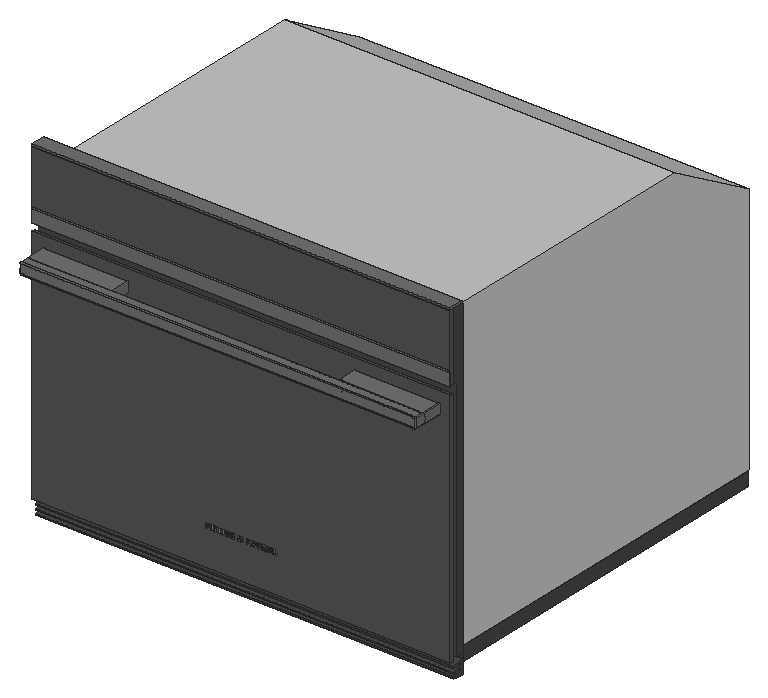
Revit family "FP_Revit_18_OM24NDBB1_w_TK480NDB1_Microwave_Oven_w_24in_Trimkit_90000812A", category Specialty Equipment, Revit 2018
Family settings
  Round Connector Dimension = Use Diameter
  Part Type = Normal
  OmniClass Number = 23.40.40.14.17.31
  OmniClass Title = Small Specialized Cooking Equipment
  Work Plane-Based = No
  Always vertical = Yes
  Cut with Voids When Loaded = Yes
  Shared = No
  Room Calculation Point = No
Parameters (values of type "OM24NDBB1 + TK480NDB1")
  Visibility - Clearance Required = yes
  URL = "www.fisherpaykel.com"
  Product - Width = 596 mm  # constant formula
  Product - Height = 478 mm  # constant formula
  Product - Depth = 614 mm  # constant formula
  Model = "OM24NDBB1 + TK480NDB1"
  Material - Trim = Fisher & Paykel - Aluminium, Dark
  Material - Structure = Fisher & Paykel - Black
  Material - Handle = Fisher & Paykel - Aluminium, Dark
  Material - Glass = Fisher & Paykel - Glass, Black
  Material - Body = Fisher & Paykel - Grey
  Manufacturer = "Fisher & Paykel Appliances"
  FFL Offset [instance] = 900 mm
  Description = "24\" Microwave Oven + 24\" Trimkit"
  Connector Description - Electrical = "120/240 V or 12/208 V, 60 Hz, 13 or 14 A"
  Chassis - Width = 560 mm  # constant formula
  Chassis - Height = 466 mm  # constant formula
  Chassis - Depth = 542 mm  # constant formula
  Cavity - Width = 560 mm  # constant formula
  Cavity - Height = 480 mm  # constant formula
  Cavity - Depth = 560 mm  # constant formula
Reference planes
  plane 1 "Datum": y = 0
  plane 2: z = 0
  plane 3 "Center (Left/Right)": x = 0
  plane 4: z = 1380
  plane 5: z = 1378
  plane 6 "Product LHS": x = -298
  plane 7 "Product RHS": x = 298
  plane 8 "Product - Depth": y = 0
  plane 9 "Cavity LHS": x = -300
  plane 10 "Cavity RHS": x = 300
  plane 11 "Cavity - Depth": y = 560
  plane 12 "Chassis - Height": z = 0
  plane 13 "Product Depth": y = 542
  plane 14 "FFL Offset": z = 900
  plane 15 "Front": y = -22
Forms (mm)
  Extrusion 1, void
    sketch origin (0, 0, 0) x (0, 1, 0) y (0, 0, 1)
      loop
        line (-22, 1380) -> (-22, 900) -> (0, 900) -> (0, 1380) -> (-22, 1380)
    from -300 to 300
  Extrusion 2, void
    sketch origin (0, 0, 0) x (0, 1, 0) y (0, 0, 1)
      loop
        line (560, 1380) -> (0, 1380) -> (0, 900) -> (560, 900) -> (560, 1380)
    from -280 to 280
Text (mm)
  text "Due to ongoing product development, product details are subject to change without notice. \nPlease always refer to www.fisherpaykel.com for the most current product information. \n© Fisher & Paykel 2020" at (41.04, -413.295, 0), in view "Ref. Level (Plan)"
Dimensions and locks
  equal spacing: plane 6 "Product LHS", plane 3 "Center (Left/Right)", plane 7 "Product RHS"
  "Product - Width": plane 6 "Product LHS" to plane 7 "Product RHS"
  equal spacing: plane 9 "Cavity LHS", plane 3 "Center (Left/Right)", plane 10 "Cavity RHS"
  locked: plane 9 "Cavity LHS" to plane 10 "Cavity RHS" at 600
  "Chassis - Depth": plane 1 "Datum" to plane 13 "Product Depth"
  "FFL Offset": plane 14 "FFL Offset" to level
  "Cavity - Depth": plane 1 "Datum" to plane 11 "Cavity - Depth"
  "Product - Height": plane 5 to plane 14 "FFL Offset"
  "Cavity - Height": plane 4 to plane 14 "FFL Offset"
  Extrusion 2 to Extrusion 2 = 560 mm
  aligned and locked: level to plane 2
  aligned and locked: nested 2 to plane 8 "Product - Depth"
  aligned and locked: Extrusion 1 sketch curve to plane 8 "Product - Depth"
  aligned and locked: plane 14 "FFL Offset" to Extrusion 1 sketch curve
  aligned and locked: Extrusion 1 sketch curve to plane 4
  aligned and locked: Extrusion 1 to plane 10 "Cavity RHS"
  aligned and locked: plane 9 "Cavity LHS" to Extrusion 1
  aligned and locked: Extrusion 2 sketch curve to plane 8 "Product - Depth"
  aligned and locked: Extrusion 2 sketch curve to plane 14 "FFL Offset"
  aligned and locked: plane 11 "Cavity - Depth" to Extrusion 2 sketch curve
  aligned and locked: Extrusion 2 sketch curve to nested 2
  aligned and locked: nested 1 to plane 8 "Product - Depth"
  aligned and locked: plane 15 "Front" to Extrusion 1
Automatic sketch dimensions
  Extrusion 1 sketch curve to Extrusion 1 sketch curve = 22 mm
Nested families
  nested 1: "FP_Revit_18_OM24NDBB1_Microwave_Oven_90000812A" at (0, 0, 20), FFL Offset <- "FFL Offset", type "OM24NDBB1"
    with FFL Offset 900 mm
  nested 2: "FP_Revit_18_TK480ND_Trimkits_90001188A" at (0, 0, 0), FFL Offset <- "FFL Offset", type "TK480NDB1"
    with FFL Offset 900 mm
Connectors
  electrical at (-193.854, 548.619, 959.454), driven by "Connector Description - Electrical"
    settings: on nested 1, index 1, voltage 120 V, apparent load 0 VA, apparent load phase1 0 VA, apparent load phase2 0 VA, apparent load phase3 0 VA, power factor 1, load classification "Other", number of poles 1, system type 30, power factor state 1, is connector primary yes, connector utility no, sub classification motor no, connector description "120/240 V or 12/208 V, 60 Hz, 13 or 14 A"
Definition of nested family "FP_Revit_18_OM24NDBB1_Microwave_Oven_90000812A"
  Parameters (values of type "OM24NDBB1")
    Visibility - Clearance Required = yes
    URL = "www.fisherpaykel.com"
    Product - Width = 596 mm  # constant formula
    Product - Height = 458 mm  # constant formula
    Product - Depth = 562 mm  # constant formula
    Model = "OM24NDBB1"
    Material - Trim = none
    Material - Structure = none
    Material - Handle = none
    Material - Glass = none
    Material - Body = none
    Manufacturer = "Fisher & Paykel Appliances"
    FFL Offset [instance] = 900 mm
    Description = "24\" Microwave Oven"
    Connector Description - Electrical = "120/240 V or 12/208 V, 60 Hz, 13 or 14 A"
    Chassis - Width = 556 mm  # constant formula
    Chassis - Height = 446 mm  # constant formula
    Chassis - Depth = 540 mm  # constant formula
    Cavity - Width = 600 mm  # constant formula
    Cavity - Height = 460 mm  # constant formula
    Cavity - Depth = 560 mm  # constant formula
  Types (4, lengths in mm): name | Model | Description | Connector Description - Electrical
    OS24NDB1 | "OS24NDB1" | "24\" Steam Oven" | "208 V or 240 V, 60 Hz, 10.8 or 12.5 A"
    OM24NDB1 | "OM24NDB1" | "24\" Microwave Oven" | "120/240 V or 12/208 V, 60 Hz, 13 or 14 A"
    OM24NDBB1 | "OM24NDBB1" | "24\" Microwave Oven" | "120/240 V or 12/208 V, 60 Hz, 13 or 14 A"
    OS24NDBB1 | "OS24NDBB1" | "24\" Steam Oven" | "208 V or 240 V, 60 Hz, 10.8 or 12.5 A"
  Reference planes
    plane 1 "Center (Front/Back)": y = 0
    plane 2: z = 0
    plane 3 "Center (Left/Right)": x = 0
    plane 4: z = 1360
    plane 5: z = 1358
    plane 6 "Product LHS": x = -298
    plane 7 "Product RHS": x = 298
    plane 8 "Product - Depth": y = 0
    plane 9 "Cavity LHS": x = -300
    plane 10 "Cavity RHS": x = 300
    plane 11 "Cavity - Depth": y = 560
    plane 12 "Front Face": y = -22
    plane 13 "Chassis - Height": z = 0
    plane 14 "Product Depth": y = 540
    plane 15 "FFL Offset": z = 900
  Forms (mm)
    Extrusion 1, solid, material <- "Material - Body"
      sketch origin (0, 0, 0) x (0, 1, 0) y (0, 0, 1)
        loop
          line (0, 1346) -> (0, 907.28) -> (5.16, 907.28) -> (5.16, 900) -> (534.187, 900) -> (534.187, 1257.991) -> (403.295, 1336.64) -> (24.316, 1336.64) -> (8.71, 1346) -> (0, 1346)
      from -278 to 278
    Extrusion 2, solid, material <- "Material - Structure", detail levels fine
      sketch origin (0, 0, 0) x (0, 1, 0) y (0, 0, 1)
        loop
          line (0, 1353.9) -> (-2, 1353.9) -> (-2, 1355) -> (-18, 1355) -> (-18, 1258) -> (-9.89, 1258) -> (-9.89, 907.28) -> (0, 907.28) -> (0, 1353.9)
      from -298 to 298
    Extrusion 3, solid, material <- "Material - Trim", detail levels fine
      sketch origin (0, 0, 0) x (0, 1, 0) y (0, 0, 1)
        loop
          line (-22, 1358) -> (-22, 1355) -> (-2, 1355) -> (-2, 1358) -> (-22, 1358)
      from -298 to 298
    Extrusion 4, solid, material <- "Material - Glass", detail levels fine
      sketch origin (0, 0, 0) x (0, 1, 0) y (0, 0, 1)
        loop
          line (-18, 1355) -> (-20.262, 1355)
          arc (-20.262, 1355) -> (-21.236, 1354.682) -> (-22, 1354) r 2.5
          line (-22, 1354) -> (-22, 1258) -> (-18, 1258) -> (-18, 1355)
      from -298 to 298
    Extrusion 5, solid, material <- "Material - Glass", detail levels fine
      sketch origin (0, 0, 0) x (0, 1, 0) y (0, 0, 1)
        loop
          line (-22, 1246.53) -> (-22, 904.53) -> (-18, 904.53) -> (-18, 1246.53) -> (-22, 1246.53)
      from -298 to 298
    Extrusion 6, solid, material <- "Material - Structure", detail levels fine
      sketch origin (0, 0, 0) x (0, 1, 0) y (0, 0, 1)
        loop
          line (-18, 1229.33) -> (-18, 907.28) -> (-9.89, 907.28) -> (-9.89, 1229.33) -> (-18, 1229.33)
      from -278 to 278
    Extrusion 7, void
      sketch origin (0, 0, 0) x (1, 0, 0) y (0, 0, 1)
        loop
          line (-158.462, 1052.91) -> (-229.24, 1052.91)
          arc (-229.24, 1052.91) -> (-232.776, 1051.446) -> (-234.24, 1047.91) r 5
          line (-234.24, 1047.91) -> (-234.24, 955.13)
          arc (-234.24, 955.13) -> (-232.776, 951.594) -> (-229.24, 950.13) r 5
          line (-229.24, 950.13) -> (-158.462, 950.13)
          arc (-158.462, 950.13) -> (-154.926, 951.594) -> (-153.462, 955.13) r 5
          line (-153.462, 955.13) -> (-153.462, 1047.91)
          arc (-153.462, 1047.91) -> (-154.926, 1051.446) -> (-158.462, 1052.91) r 5
      from -539.6 to -521.6
    Sweep 8, void
      path in 3D
        loop
          arc (-153.462, 521.6, 955.13) -> (-154.926, 521.6, 951.594) -> (-158.462, 521.6, 950.13) r 5
          line (-158.462, 521.6, 950.13) -> (-229.24, 521.6, 950.13)
          arc (-229.24, 521.6, 950.13) -> (-232.776, 521.6, 951.594) -> (-234.24, 521.6, 955.13) r 5
          line (-234.24, 521.6, 955.13) -> (-234.24, 521.6, 1047.91)
          arc (-234.24, 521.6, 1047.91) -> (-232.776, 521.6, 1051.446) -> (-229.24, 521.6, 1052.91) r 5
          line (-229.24, 521.6, 1052.91) -> (-158.462, 521.6, 1052.91)
          arc (-158.462, 521.6, 1052.91) -> (-154.926, 521.6, 1051.446) -> (-153.462, 521.6, 1047.91) r 5
          line (-153.462, 521.6, 1047.91) -> (-153.462, 521.6, 955.13)
      profile origin (-153.462, 521.6, 1001.52) x (-1, 0, 0) y (0, -1, 0)
        loop
          line (0, 0) -> (-21.3, -12.587) -> (0, -12.587) -> (0, 0)
    Extrusion 9, solid, material <- "Material - Body", detail levels medium+fine
      sketch origin (0, 0, -100) x (1, 0, 0) y (0, 0, 1)
        loop
          line (-175.354, 1115.273) -> (-212.354, 1115.273) -> (-212.354, 1057.273) -> (-175.354, 1057.273) -> (-175.354, 1115.273)
      from -540 to -521.6
    Extrusion 10, solid, material <- "Material - Trim", detail levels fine
      sketch origin (0, 0, 0) x (0, 1, 0) y (0, 0, 1)
        loop
          line (-22, 1258) -> (-22, 1277.8) -> (-22.8, 1277.8) -> (-23.7, 1275.5) -> (-23.7, 1258) -> (-22, 1258)
      from -298 to 298
    Extrusion 11, solid, visible <- "Visibility - Clearance Required", detail levels coarse
      sketch origin (0, 0, 0) x (1, 0, 0) y (0, 1, 0)
        loop
          line (-280, 0) -> (280, 0) -> (280, 548.619) -> (-280, 548.619) -> (-280, 0)
      from 900 to 1360
    Extrusion 12, solid, visible <- "Visibility - Clearance Required", detail levels coarse
      sketch origin (0, 0, 0) x (0, 1, 0) y (0, 0, 1)
        loop
          arc (-22, 1246.53) -> (-241.159, 1161.206) -> (-341.563, 948.532) r 317.644
          line (-341.563, 948.532) -> (-326.406, 946.445) -> (-332.106, 905.048) -> (-316.871, 902.951) -> (-311.171, 944.347) -> (-22, 904.53) -> (-22, 900) -> (0, 900) -> (0, 1360) -> (-22, 1360) -> (-22, 1246.53)
      from -300 to 300
    Sweep 13, solid, material <- "Material - Body", detail levels fine
      path origin (0, 0, -100) x (0, 1, 0) y (0, 0, 1)
        loop
          arc (530.8, 1057.273) -> (536.019, 1044.673) -> (548.619, 1039.454) r 17.819
      profile origin (0, 536.019, 944.673) x (0, 0.707107, 0.707107) y (1, 0, 0)
        loop
          circle (0, -193.854) r 5
    Extrusion 14, solid, material <- "Material - Glass", detail levels coarse+medium
      sketch origin (0, 0, 0) x (0, 1, 0) y (0, 0, 1)
        loop
          line (-22, 1358) -> (-22, 1258) -> (-9.89, 1258) -> (-9.89, 1229.33) -> (-18, 1229.33) -> (-18, 1246.53) -> (-22, 1246.53) -> (-22, 904.53) -> (-18, 904.53) -> (-18, 907.28) -> (0, 907.28) -> (0, 1353.9) -> (-2, 1353.9) -> (-2, 1358) -> (-22, 1358)
      from -298 to 298
    Extrusion 15, solid, material <- "Material - Body", not visible, detail levels medium+fine
      sketch origin (0, 0, 0) x (1, 0, 0) y (0, 0, 1)
        loop
          line (-175.354, 1115.273) -> (-212.354, 1115.273) -> (-212.354, 1057.273) -> (-175.354, 1057.273) -> (-175.354, 1115.273)
      from -540 to -521.6
    Sweep 16, solid, material <- "Material - Body", not visible, detail levels fine
      path origin (0, 0, 0) x (0, 1, 0) y (0, 0, 1)
        loop
          arc (530.8, 1057.273) -> (536.019, 1044.673) -> (548.619, 1039.454) r 17.819
      profile origin (0, 536.019, 1044.673) x (0, 0.707107, 0.707107) y (1, 0, 0)
        loop
          circle (0, -193.854) r 5
    Extrusion 17, void
      sketch origin (0, 0, 0) x (1, 0, 0) y (0, 1, 0)
        loop
          line (-280, 0) -> (280, 0) -> (280, 548.619) -> (-280, 548.619) -> (-280, 0)
      from 900 to 1360
    Extrusion 18, solid, visible <- "Visibility - Clearance Required", detail levels coarse
      sketch origin (0, 0, 0) x (0, 1, 0) y (0, 0, 1)
        loop
          arc (-22, 1246.53) -> (-241.159, 1161.206) -> (-341.563, 948.532) r 317.644
          line (-341.563, 948.532) -> (-326.406, 946.445) -> (-332.106, 905.048) -> (-316.871, 902.951) -> (-311.171, 944.347) -> (-22, 904.53) -> (-22, 900) -> (0, 900) -> (0, 1360) -> (-22, 1360) -> (-22, 1246.53)
      from -300 to 300
    Extrusion 19, void
      sketch origin (0, 0, 0) x (0, 1, 0) y (0, 0, 1)
        loop
          line (-22, 1360) -> (-22, 900) -> (0, 900) -> (0, 1360) -> (-22, 1360)
      from -300 to 300
  Cuts and joins
    Extrusion 7, Sweep 8 cuts Extrusion 1
    Extrusion 7 cuts Extrusion 2
    Extrusion 7 cuts Extrusion 5
    Extrusion 7 cuts Extrusion 6
  Lines and regions (mm)
    sketch lines
      curve 1: line (-153.462, 521.6, 1047.91) -> (-153.462, 521.6, 955.13)
      curve 2: arc (-153.462, 521.6, 1047.91) -> (-154.926, 521.6, 1051.446) -> (-158.462, 521.6, 1052.91) r 5
      curve 3: line (-229.24, 521.6, 1052.91) -> (-158.462, 521.6, 1052.91)
      curve 4: arc (-229.24, 521.6, 1052.91) -> (-232.776, 521.6, 1051.446) -> (-234.24, 521.6, 1047.91) r 5
      curve 5: line (-234.24, 521.6, 955.13) -> (-234.24, 521.6, 1047.91)
      curve 6: arc (-234.24, 521.6, 955.13) -> (-232.776, 521.6, 951.594) -> (-229.24, 521.6, 950.13) r 5
      curve 7: arc (-158.462, 521.6, 950.13) -> (-154.926, 521.6, 951.594) -> (-153.462, 521.6, 955.13) r 5
      curve 8: line (-158.462, 521.6, 950.13) -> (-229.24, 521.6, 950.13)
  Text (mm)
    text "Due to ongoing product development, product details are subject to change without notice. \nPlease always refer to www.fisherpaykel.com for the most current product information. \n© Fisher & Paykel 2020" at (41.04, -413.295, 0), in view "Ref. Level (Plan)"
  Dimensions and locks
    equal spacing: plane 6 "Product LHS", plane 3 "Center (Left/Right)", plane 7 "Product RHS"
    "Product - Width": plane 6 "Product LHS" to plane 7 "Product RHS"
    equal spacing: plane 9 "Cavity LHS", plane 3 "Center (Left/Right)", plane 10 "Cavity RHS"
    "Cavity - Width": plane 9 "Cavity LHS" to plane 10 "Cavity RHS"
    "Cavity - Depth": plane 11 "Cavity - Depth" to plane 1 "Center (Front/Back)"
    locked: plane 12 "Front Face" to plane 1 "Center (Front/Back)" at 22
    "Chassis - Depth": plane 1 "Center (Front/Back)" to plane 14 "Product Depth"
    Extrusion 1 sketch curve to plane 14 "Product Depth" = 5.813 mm
    equal spacing: cut or joined group of Extrusion 1, Extrusion 7, Sweep 8, plane 3 "Center (Left/Right)", cut or joined group of Extrusion 1, Extrusion 7, Sweep 8
    "Chassis - Width": cut or joined group of Extrusion 1, Extrusion 7, Sweep 8 to cut or joined group of Extrusion 1, Extrusion 7, Sweep 8
    "FFL Offset": plane 15 "FFL Offset" to level
    locked: nested 2 to plane 15 "FFL Offset" at 61.04
    locked: cut or joined group of Extrusion 1, Extrusion 7, Sweep 8 to plane 15 "FFL Offset" at 7.28
    locked: Extrusion 14 to plane 15 "FFL Offset" at 4.53
    locked: cut or joined group of Extrusion 1, Extrusion 7, Sweep 8 to plane 15 "FFL Offset" at 436.64
    "Chassis - Height": cut or joined group of Extrusion 1, Extrusion 7, Sweep 8 to plane 15 "FFL Offset"
    Extrusion 11 to plane 15 "FFL Offset" = 460 mm
    locked: plane 15 "FFL Offset" to Extrusion 9 at 57.273
    locked: plane 15 "FFL Offset" to cut or joined group of Extrusion 1, Extrusion 7, Sweep 8 at 50.13
    "Product - Height": plane 5 to plane 15 "FFL Offset"
    "Cavity - Height": plane 4 to plane 15 "FFL Offset"
    locked: nested 1 to plane 15 "FFL Offset" at 330.978
    locked: plane 5 to Extrusion 14 at 100
    locked: plane 5 to Extrusion 14 at 111.47
    locked: Extrusion 12 sketch curve to plane 15 "FFL Offset" at 4.53
    locked: plane 15 "FFL Offset" to Extrusion 7 sketch curve at 152.91
    locked: plane 15 "FFL Offset" to Extrusion 7 sketch curve at 50.13
    aligned and locked: level to plane 2
    aligned and locked: Extrusion 3 sketch curve to plane 5
    aligned and locked: plane 6 "Product LHS" to Extrusion 5
    aligned and locked: Extrusion 5 to plane 7 "Product RHS"
    aligned and locked: Extrusion 4 to plane 7 "Product RHS"
    aligned and locked: plane 6 "Product LHS" to Extrusion 4
    aligned and locked: plane 6 "Product LHS" to Extrusion 3
    aligned and locked: Extrusion 3 to plane 7 "Product RHS"
    aligned and locked: plane 6 "Product LHS" to Extrusion 2
    aligned and locked: Extrusion 2 to plane 7 "Product RHS"
    aligned and locked: plane 14 "Product Depth" to Extrusion 9
    aligned and locked: cut or joined group of Extrusion 1, Extrusion 7, Sweep 8 to Extrusion 9
    aligned and locked: Extrusion 10 to plane 7 "Product RHS"
    aligned and locked: plane 6 "Product LHS" to Extrusion 10
    aligned and locked: Extrusion 14 to plane 7 "Product RHS"
    aligned and locked: plane 6 "Product LHS" to Extrusion 14
    aligned and locked: Extrusion 1 to plane 15 "FFL Offset"
    aligned and locked: Extrusion 11 to cut or joined group of Extrusion 1, Extrusion 7, Sweep 8
    aligned and locked: Extrusion 14 to cut or joined group of Extrusion 1, Extrusion 7, Sweep 8
    aligned and locked: Extrusion 2 to cut or joined group of Extrusion 1, Extrusion 7, Sweep 8
    aligned and locked: Extrusion 6 to cut or joined group of Extrusion 1, Extrusion 7, Sweep 8
    aligned and locked: plane 5 to Extrusion 3
    aligned and locked: plane 5 to Extrusion 14
    aligned and locked: Extrusion 10 to Extrusion 4
    aligned and locked: Extrusion 14 to Extrusion 4
    aligned and locked: Extrusion 4 to cut or joined group of Extrusion 2, Extrusion 7
    aligned and locked: Extrusion 5 to Extrusion 14  (x2)
    aligned and locked: plane 4 to Extrusion 11
    aligned and locked: Extrusion 11 to Sweep 13
    aligned and locked: Extrusion 12 sketch curve to plane 15 "FFL Offset"
    aligned and locked: Extrusion 12 sketch curve to plane 4
    aligned and locked: plane 4 to Extrusion 17
    aligned and locked: Extrusion 17 to cut or joined group of Extrusion 1, Extrusion 7, Sweep 8
    aligned and locked: plane 15 "FFL Offset" to Extrusion 19 sketch curve
    aligned and locked: Extrusion 19 sketch curve to plane 4
  Automatic sketch dimensions
    Extrusion 9 sketch curve to Extrusion 9 sketch curve = 37 mm
    Extrusion 9 sketch curve to Extrusion 9 sketch curve = 58 mm
    Sweep 13 sketch curve to profile plane = 0 mm
    Sweep 13 sketch curve to Sweep 13 sketch curve = 17.819 mm
    Sweep 13 sketch curve to profile plane = 193.854 mm
    Extrusion 15 sketch curve to Extrusion 15 sketch curve = 37 mm
    Extrusion 15 sketch curve to Extrusion 15 sketch curve = 58 mm
    Sweep 16 sketch curve to profile plane = 0 mm
    Sweep 16 sketch curve to Sweep 16 sketch curve = 17.819 mm
    Sweep 16 sketch curve to profile plane = 193.854 mm
    Extrusion 1 sketch curve to plane 1 "Center (Front/Back)" = 0 mm
    Extrusion 1 sketch curve to plane 15 "FFL Offset" = 0 mm
    Extrusion 1 sketch curve to plane 1 "Center (Front/Back)" = 5.16 mm
    Extrusion 1 sketch curve to Extrusion 1 sketch curve = 8.71 mm
    Extrusion 1 sketch curve to Extrusion 1 sketch curve = 15.606 mm
    Extrusion 1 sketch curve to plane 5 = 21.36 mm
    Extrusion 1 sketch curve to plane 14 "Product Depth" = 136.705 mm
    Extrusion 1 sketch curve to Extrusion 1 sketch curve = 7.28 mm
    Extrusion 1 sketch curve to plane 5 = 100.009 mm
    Extrusion 1 sketch curve to plane 5 = 12 mm
    Extrusion 2 sketch curve to plane 1 "Center (Front/Back)" = 0 mm
    plane 1 "Center (Front/Back)" to Extrusion 2 sketch curve = 2 mm
    plane 1 "Center (Front/Back)" to Extrusion 2 sketch curve = 9.89 mm
    plane 12 "Front Face" to Extrusion 2 sketch curve = 4 mm
    plane 15 "FFL Offset" to Extrusion 2 sketch curve = 7.28 mm
    Extrusion 2 sketch curve to plane 5 = 100 mm
    Extrusion 2 sketch curve to plane 5 = 4.1 mm
    Extrusion 2 sketch curve to Extrusion 2 sketch curve = 1.1 mm
    Extrusion 3 sketch curve to plane 12 "Front Face" = 0 mm
    plane 1 "Center (Front/Back)" to Extrusion 3 sketch curve = 2 mm
    Extrusion 3 sketch curve to plane 5 = 3 mm
    Extrusion 4 sketch curve to plane 12 "Front Face" = 0 mm
    plane 12 "Front Face" to Extrusion 4 sketch curve = 1.738 mm
    plane 12 "Front Face" to Extrusion 4 sketch curve = 2.011 mm
    plane 12 "Front Face" to Extrusion 4 sketch curve = 4 mm
    Extrusion 4 sketch curve to plane 5 = 100 mm
    Extrusion 4 sketch curve to plane 5 = 5.485 mm
    Extrusion 4 sketch curve to Extrusion 4 sketch curve = 1.485 mm
    Extrusion 5 sketch curve to plane 12 "Front Face" = 0 mm
    plane 12 "Front Face" to Extrusion 5 sketch curve = 4 mm
    plane 15 "FFL Offset" to Extrusion 5 sketch curve = 4.53 mm
    Extrusion 5 sketch curve to plane 5 = 111.47 mm
    plane 12 "Front Face" to Extrusion 6 sketch curve = 4 mm
    Extrusion 6 sketch curve to Extrusion 6 sketch curve = 8.11 mm
    plane 15 "FFL Offset" to Extrusion 6 sketch curve = 7.28 mm
    Extrusion 6 sketch curve to plane 5 = 128.67 mm
    Extrusion 7 sketch curve to plane 6 "Product LHS" = 63.76 mm
    Extrusion 7 sketch curve to Extrusion 7 sketch curve = 5 mm  (x3)
    Extrusion 7 sketch curve to Extrusion 7 sketch curve = 70.778 mm  (x2)
    Sweep 8 sketch curve to profile plane = 0 mm  (x2)
    Sweep 8 sketch curve to profile plane = 21.3 mm
    profile plane to Sweep 8 sketch curve = 12.587 mm
    Extrusion 10 sketch curve to plane 12 "Front Face" = 0 mm
    Extrusion 10 sketch curve to Extrusion 10 sketch curve = 0.8 mm
    Extrusion 10 sketch curve to plane 12 "Front Face" = 1.7 mm
    Extrusion 10 sketch curve to plane 5 = 100 mm
    Extrusion 10 sketch curve to Extrusion 10 sketch curve = 17.5 mm
    Extrusion 10 sketch curve to Extrusion 10 sketch curve = 2.3 mm
    plane 1 "Center (Front/Back)" to Extrusion 11 sketch curve = 0 mm
    plane 14 "Product Depth" to Extrusion 11 sketch curve = 8.619 mm
    Extrusion 11 sketch curve to plane 6 "Product LHS" = 18 mm
    plane 7 "Product RHS" to Extrusion 11 sketch curve = 18 mm
    Extrusion 12 sketch curve to plane 12 "Front Face" = 0 mm  (x2)
    Extrusion 12 sketch curve to plane 1 "Center (Front/Back)" = 0 mm
    Extrusion 12 sketch curve to plane 12 "Front Face" = 2.526 mm
    plane 15 "FFL Offset" to Extrusion 12 sketch curve = 44.347 mm
    Extrusion 12 sketch curve to Extrusion 12 sketch curve = 286.644 mm
    plane 15 "FFL Offset" to Extrusion 12 sketch curve = 2.951 mm
    plane 15 "FFL Offset" to Extrusion 12 sketch curve = 46.445 mm
    Extrusion 12 sketch curve to Extrusion 12 sketch curve = 15.235 mm
    plane 15 "FFL Offset" to Extrusion 12 sketch curve = 48.532 mm
    Extrusion 12 sketch curve to Extrusion 12 sketch curve = 24.366 mm
    Extrusion 14 sketch curve to plane 5 = 0 mm
    Extrusion 14 sketch curve to plane 12 "Front Face" = 0 mm  (x2)
    Extrusion 14 sketch curve to plane 1 "Center (Front/Back)" = 0 mm
    plane 12 "Front Face" to Extrusion 14 sketch curve = 4 mm  (x2)
    plane 1 "Center (Front/Back)" to Extrusion 14 sketch curve = 9.89 mm
    plane 1 "Center (Front/Back)" to Extrusion 14 sketch curve = 2 mm
    Extrusion 14 sketch curve to plane 5 = 4.1 mm
    Extrusion 14 sketch curve to Extrusion 14 sketch curve = 95.9 mm
    Extrusion 14 sketch curve to Extrusion 14 sketch curve = 11.47 mm
    Extrusion 14 sketch curve to Extrusion 14 sketch curve = 17.2 mm
    plane 15 "FFL Offset" to Extrusion 14 sketch curve = 7.28 mm
    Extrusion 14 sketch curve to Extrusion 14 sketch curve = 2.75 mm
    plane 1 "Center (Front/Back)" to Extrusion 17 sketch curve = 0 mm
    plane 14 "Product Depth" to Extrusion 17 sketch curve = 8.619 mm
    Extrusion 17 sketch curve to plane 6 "Product LHS" = 18 mm
    plane 7 "Product RHS" to Extrusion 17 sketch curve = 18 mm
    Extrusion 18 sketch curve to plane 12 "Front Face" = 0 mm  (x2)
    Extrusion 18 sketch curve to plane 1 "Center (Front/Back)" = 0 mm
    Extrusion 18 sketch curve to plane 15 "FFL Offset" = 0 mm
    Extrusion 18 sketch curve to plane 4 = 0 mm
    Extrusion 18 sketch curve to plane 12 "Front Face" = 2.526 mm
    plane 15 "FFL Offset" to Extrusion 18 sketch curve = 44.347 mm
    Extrusion 18 sketch curve to Extrusion 18 sketch curve = 286.644 mm
    plane 15 "FFL Offset" to Extrusion 18 sketch curve = 2.951 mm
    Extrusion 18 sketch curve to Extrusion 18 sketch curve = 5.7 mm
    plane 15 "FFL Offset" to Extrusion 18 sketch curve = 46.445 mm
    Extrusion 18 sketch curve to Extrusion 18 sketch curve = 15.235 mm
    plane 15 "FFL Offset" to Extrusion 18 sketch curve = 48.532 mm
    Extrusion 18 sketch curve to Extrusion 18 sketch curve = 24.366 mm
    Extrusion 19 sketch curve to plane 12 "Front Face" = 0 mm
    Extrusion 19 sketch curve to plane 1 "Center (Front/Back)" = 0 mm
    radius of Sweep 13 sketch curve = 5 mm
    radius of Sweep 16 sketch curve = 5 mm
  Nested families
    nested 1: "F&P Handle Contemporary Square OB60-24" at (0, -22, 1223), type "Aluminium"
    nested 2: "F&P Logo 100mm" at (0, -22, 955), type "F&P Logo 100mm"
  Connectors
    electrical at (-193.854, 548.619, 939.454), driven by "Connector Description - Electrical"
      settings: on Sweep 13, index 1, voltage 120 V, apparent load 0 VA, apparent load phase1 0 VA, apparent load phase2 0 VA, apparent load phase3 0 VA, power factor 1, load classification none, number of poles 1, system type 30, power factor state 1, is connector primary yes, connector utility no, sub classification motor no, connector description "120/240 V or 12/208 V, 60 Hz, 13 or 14 A"
  Definition of nested family "F&P Handle Contemporary Square OB60-24"
    Parameters (values of type "Aluminium Dark")
      URL = "www.fisherpaykel.com"
      Material - Handle = none
      Manufacturer = "Fisher & Paykel Appliances"
      Handle - Length = 565 mm
    Types (2): name
      Aluminium
      Aluminium Dark
    Reference planes
      plane 1 "Center (Front/Back)": y = 0
      plane 2: z = 0
      plane 3 "Center (Left/Right)": x = 0
      plane 4 "Product LHS": x = -282.5
      plane 5 "Product RHS": x = 282.5
      plane 6 "LHS Standoff": x = -162.495
      plane 7 "RHS Standoff": x = 162.505
    Forms (mm)
      Extrusion 1, solid, material <- "Material - Handle", detail levels fine
        sketch origin (0, 0, 0) x (0, 1, 0) y (0, 0, 1)
          loop
            arc (-28.701, 7.561) -> (-29.057, 7.868) -> (-29.514, 7.978) r 1
            line (-29.514, 7.978) -> (-40.5, 7.978)
            arc (-40.5, 7.978) -> (-41.561, 7.539) -> (-42, 6.478) r 1.5
            line (-42, 6.478) -> (-42, -6.522)
            arc (-42, -6.522) -> (-41.561, -7.583) -> (-40.5, -8.022) r 1.5
            line (-40.5, -8.022) -> (-29.487, -8.022)
            arc (-29.487, -8.022) -> (-29.029, -7.911) -> (-28.673, -7.602) r 1
            arc (-28.673, -7.602) -> (-26.256, -0.016) -> (-28.701, 7.561) r 13.038
        from -282.5 to 282.5
      Extrusion 2, solid, material <- "Material - Handle", detail levels fine
        sketch origin (0, 0, 0) x (0, 1, 0) y (0, 0, 1)
          loop
            arc (-28.23, 7.062) -> (-26.156, 0.008) -> (-28.198, -7.056) r 13.136
            arc (-28.198, -7.056) -> (-28.21, -7.463) -> (-27.86, -7.67) r 0.4
            line (-27.86, -7.67) -> (0, -7.67) -> (0, 7.678) -> (-27.893, 7.678)
            arc (-27.893, 7.678) -> (-28.244, 7.47) -> (-28.23, 7.062) r 0.4
        from 162.505 to 282.5
      Extrusion 3, solid, material <- "Material - Handle", detail levels fine
        sketch origin (0, 0, 0) x (0, 1, 0) y (0, 0, -1)
          loop
            arc (-28.23, -7.062) -> (-28.244, -7.47) -> (-27.893, -7.678) r 0.4
            line (-27.893, -7.678) -> (0, -7.678) -> (0, 7.67) -> (-27.86, 7.67)
            arc (-27.86, 7.67) -> (-28.21, 7.463) -> (-28.198, 7.056) r 0.4
            arc (-28.198, 7.056) -> (-26.156, -0.008) -> (-28.23, -7.062) r 13.136
        from 162.495 to 282.5
      Sweep 4, void
        path in 3D
          loop
            line (282.5, -29.514, 7.978) -> (282.5, -40.5, 7.978)
            arc (282.5, -40.5, 7.978) -> (282.5, -41.561, 7.539) -> (282.5, -42, 6.478) r 1.5
            line (282.5, -42, 6.478) -> (282.5, -42, -6.522)
            arc (282.5, -42, -6.522) -> (282.5, -41.561, -7.583) -> (282.5, -40.5, -8.022) r 1.5
            line (282.5, -40.5, -8.022) -> (282.5, -29.487, -8.022)
        profile origin (282.5, -35.007, 7.978) x (1, 0, 0) y (0, 0, 1)
          loop
            line (0, 0) -> (-1.3, 0) -> (0, -1.3) -> (0, 0)
      Sweep 5, void
        path in 3D
          loop
            line (-282.5, -29.487, -8.022) -> (-282.5, -40.5, -8.022)
            arc (-282.5, -40.5, -8.022) -> (-282.5, -41.561, -7.583) -> (-282.5, -42, -6.522) r 1.5
            line (-282.5, -42, -6.522) -> (-282.5, -42, 6.478)
            arc (-282.5, -42, 6.478) -> (-282.5, -41.561, 7.539) -> (-282.5, -40.5, 7.978) r 1.5
            line (-282.5, -40.5, 7.978) -> (-282.5, -29.514, 7.978)
        profile origin (-282.5, -35.007, 7.978) x (-1, 0, 0) y (0, 0, 1)
          loop
            line (0, 0) -> (-1.3, 0) -> (0, -1.3) -> (0, 0)
      Extrusion 6, void
        sketch origin (0, 0, 0) x (1, 0, 0) y (0, 0, 1)
          loop
            line (282.5, 7.978) -> (281.2, 7.978) -> (282.5, 6.678) -> (282.5, 7.978)
          loop
            line (282.5, -8.022) -> (282.5, -6.722) -> (281.2, -8.022) -> (282.5, -8.022)
        from 0 to 40
      Extrusion 7, void
        sketch origin (0, 0, 0) x (1, 0, 0) y (0, 0, 1)
          loop
            line (-282.5, 7.978) -> (-282.5, 6.678) -> (-281.2, 7.978) -> (-282.5, 7.978)
          loop
            line (-282.5, -8.022) -> (-281.2, -8.022) -> (-282.5, -6.722) -> (-282.5, -8.022)
        from 0 to 40
      Extrusion 8, solid, material <- "Material - Handle", detail levels coarse+medium
        sketch origin (0, 0, 0) x (1, 0, 0) y (0, 1, 0)
          loop
            line (-282.5, -42) -> (282.5, -42) -> (282.5, 0) -> (162.505, 0) -> (162.505, -26.156) -> (-162.495, -26.156) -> (-162.495, 0) -> (-282.5, 0) -> (-282.5, -42)
        from -8.022 to 7.978
    Cuts and joins
      Sweep 4, Sweep 5, Extrusion 6, Extrusion 7 cuts Extrusion 1
      Extrusion 6 cuts Extrusion 2
      Extrusion 7 cuts Extrusion 3
    Lines and regions (mm)
      sketch lines
        curve 1: line (282.5, -29.514, 7.978) -> (282.5, -40.5, 7.978)
        curve 2: arc (282.5, -42, 6.478) -> (282.5, -41.561, 7.539) -> (282.5, -40.5, 7.978) r 1.5
        curve 3: line (282.5, -42, 6.478) -> (282.5, -42, -6.522)
        curve 4: arc (282.5, -40.5, -8.022) -> (282.5, -41.561, -7.583) -> (282.5, -42, -6.522) r 1.5
        curve 5: line (282.5, -40.5, -8.022) -> (282.5, -29.487, -8.022)
        curve 6: line (-282.5, -40.5, 7.978) -> (-282.5, -29.514, 7.978)
        curve 7: arc (-282.5, -40.5, 7.978) -> (-282.5, -41.561, 7.539) -> (-282.5, -42, 6.478) r 1.5
        curve 8: line (-282.5, -42, -6.522) -> (-282.5, -42, 6.478)
        curve 9: arc (-282.5, -42, -6.522) -> (-282.5, -41.561, -7.583) -> (-282.5, -40.5, -8.022) r 1.5
        curve 10: line (-282.5, -29.487, -8.022) -> (-282.5, -40.5, -8.022)
    Dimensions and locks
      equal spacing: plane 4 "Product LHS", plane 3 "Center (Left/Right)", plane 5 "Product RHS"
      "Handle - Length": plane 4 "Product LHS" to plane 5 "Product RHS"
      locked: plane 4 "Product LHS" to plane 6 "LHS Standoff" at 120.005
      locked: plane 7 "RHS Standoff" to plane 5 "Product RHS" at 119.995
      aligned and locked: level to plane 2
      aligned and locked: Extrusion 1 to plane 5 "Product RHS"
      aligned and locked: plane 4 "Product LHS" to Extrusion 1
      aligned and locked: Extrusion 2 to plane 5 "Product RHS"
      aligned and locked: plane 4 "Product LHS" to Extrusion 3
      aligned and locked: plane 4 "Product LHS" to Extrusion 8 sketch curve
      aligned and locked: Extrusion 8 sketch curve to plane 5 "Product RHS"
      aligned and locked: Extrusion 8 sketch curve to plane 7 "RHS Standoff"
      aligned and locked: plane 6 "LHS Standoff" to Extrusion 8 sketch curve
      aligned and locked: Extrusion 2 to plane 7 "RHS Standoff"
      aligned and locked: plane 6 "LHS Standoff" to Extrusion 3
    Automatic sketch dimensions
      Extrusion 1 sketch curve to level = 6.522 mm
      plane 1 "Center (Front/Back)" to Extrusion 1 sketch curve = 42 mm
      Extrusion 1 sketch curve to Extrusion 1 sketch curve = 1.5 mm  (x2)
      Extrusion 1 sketch curve to level = 0.04 mm
      Extrusion 1 sketch curve to Extrusion 1 sketch curve = 1.206 mm
      level to Extrusion 1 sketch curve = 6.978 mm
      Extrusion 1 sketch curve to Extrusion 1 sketch curve = 10.986 mm
      Extrusion 1 sketch curve to Extrusion 1 sketch curve = 11.013 mm
      Extrusion 1 sketch curve to Extrusion 1 sketch curve = 1 mm
      level to Extrusion 1 sketch curve = 6.478 mm
      Extrusion 1 sketch curve to Extrusion 1 sketch curve = 0 mm
      Extrusion 2 sketch curve to plane 1 "Center (Front/Back)" = 0 mm
      Extrusion 2 sketch curve to level = 7.67 mm
      Extrusion 2 sketch curve to Extrusion 2 sketch curve = 27.86 mm
      level to Extrusion 2 sketch curve = 7.678 mm
      Extrusion 2 sketch curve to Extrusion 2 sketch curve = 0.033 mm
      Extrusion 2 sketch curve to level = 0.022 mm
      Extrusion 2 sketch curve to Extrusion 2 sketch curve = 11.398 mm
      Extrusion 2 sketch curve to Extrusion 2 sketch curve = 0.4 mm  (x2)
      Extrusion 2 sketch curve to Extrusion 2 sketch curve = 0 mm
      Extrusion 3 sketch curve to plane 1 "Center (Front/Back)" = 0 mm
      Extrusion 3 sketch curve to level = 7.67 mm
      Extrusion 3 sketch curve to Extrusion 3 sketch curve = 27.86 mm
      level to Extrusion 3 sketch curve = 7.678 mm
      Extrusion 3 sketch curve to Extrusion 3 sketch curve = 0.033 mm
      Extrusion 3 sketch curve to level = 0.022 mm
      Extrusion 3 sketch curve to Extrusion 3 sketch curve = 11.398 mm
      Extrusion 3 sketch curve to Extrusion 3 sketch curve = 0.4 mm  (x2)
      Extrusion 3 sketch curve to Extrusion 3 sketch curve = 0 mm
      profile plane to Sweep 4 sketch curve = 0 mm
      Sweep 4 sketch curve to profile plane = 0 mm
      Sweep 4 sketch curve to profile plane = 1.3 mm
      profile plane to Sweep 4 sketch curve = 1.3 mm
      Sweep 5 sketch curve to profile plane = 0 mm  (x2)
      profile plane to Sweep 5 sketch curve = 1.3 mm
      Sweep 5 sketch curve to profile plane = 1.3 mm
      plane 5 "Product RHS" to Extrusion 6 sketch curve = 0 mm  (x2)
      Extrusion 6 sketch curve to Extrusion 6 sketch curve = 1.3 mm  (x4)
      Extrusion 6 sketch curve to level = 6.722 mm
      level to Extrusion 6 sketch curve = 6.678 mm
      plane 4 "Product LHS" to Extrusion 7 sketch curve = 0 mm  (x2)
      Extrusion 7 sketch curve to plane 4 "Product LHS" = 1.3 mm  (x2)
      Extrusion 7 sketch curve to level = 8.022 mm
      level to Extrusion 7 sketch curve = 6.678 mm
      Extrusion 7 sketch curve to Extrusion 7 sketch curve = 1.3 mm  (x2)
      plane 1 "Center (Front/Back)" to Extrusion 8 sketch curve = 0 mm  (x2)
      Extrusion 8 sketch curve to Extrusion 8 sketch curve = 26.156 mm
      Extrusion 8 sketch curve to Extrusion 8 sketch curve = 42 mm
  Definition of nested family "F&P Logo 100mm"
    Parameters (values of type "F&P Logo 100mm")
      URL = "www.fisherpaykel.com"
      Material - Logo = none
      Manufacturer = "Fisher & Paykel Appliances"
    Reference planes
      plane 1 "Center (Front/Back)": y = 0
      plane 2: z = 0
      plane 3 "Center (Left/Right)": x = 0
    Forms (mm)
      Extrusion 1, solid, material <- "Material - Logo", detail levels fine
        sketch origin (0, 0, 0) x (1, 0, 0) y (0, 0, 1)
          loop
            line (-50.044, 0) -> (-48.47, 0) -> (-48.47, 2.138) -> (-46.011, 2.138) -> (-46.011, 3.472) -> (-48.47, 3.472) -> (-48.47, 4.712) -> (-45.795, 4.712) -> (-45.795, 6.04) -> (-50.044, 6.04) -> (-50.044, 0)
          loop
            line (-42.804, 6.04) -> (-42.804, 0) -> (-41.23, 0) -> (-41.23, 6.04) -> (-42.804, 6.04)
          loop
            line (-30.724, 6.04) -> (-30.724, 0) -> (-29.151, 0) -> (-29.151, 2.42) -> (-26.839, 2.42) -> (-26.839, 0) -> (-25.265, 0) -> (-25.265, 6.04) -> (-26.839, 6.04) -> (-26.839, 3.748) -> (-29.151, 3.748) -> (-29.151, 6.04) -> (-30.724, 6.04)
          loop
            line (-21.906, 6.04) -> (-21.906, 0) -> (-17.602, 0) -> (-17.602, 1.328) -> (-20.347, 1.328) -> (-20.347, 2.42) -> (-17.838, 2.42) -> (-17.838, 3.748) -> (-20.347, 3.748) -> (-20.347, 4.712) -> (-17.602, 4.712) -> (-17.602, 6.04) -> (-21.906, 6.04)
          loop
            line (45.667, 6.04) -> (45.667, 0) -> (49.956, 0) -> (49.956, 1.328) -> (47.241, 1.328) -> (47.241, 6.04) -> (45.667, 6.04)
          loop
            line (42.431, 6.04) -> (38.112, 6.04) -> (38.112, 0) -> (42.431, 0) -> (42.431, 1.328) -> (39.687, 1.328) -> (39.687, 2.42) -> (42.195, 2.42) -> (42.195, 3.748) -> (39.687, 3.748) -> (39.687, 4.712) -> (42.431, 4.712) -> (42.431, 6.04)
          loop
            line (33.451, 3.148) -> (35.683, 6.04) -> (33.844, 6.04) -> (31.915, 3.542) -> (31.915, 6.04) -> (30.342, 6.04) -> (30.342, 0) -> (31.915, 0) -> (31.915, 2.705) -> (33.903, 0) -> (35.763, 0) -> (33.451, 3.148)
          loop
            line (21.98, 6.04) -> (24.262, 2.42) -> (24.262, 0) -> (25.837, 0) -> (25.837, 2.341) -> (28.119, 6.04) -> (26.446, 6.04) -> (25.099, 3.707) -> (23.753, 6.04) -> (21.98, 6.04)
          loop
            line (18.479, 6.04) -> (16.983, 6.04) -> (14.524, 0) -> (16.069, 0) -> (16.501, 1.112) -> (18.921, 1.112) -> (19.354, 0) -> (20.938, 0) -> (18.479, 6.04)
          loop
            line (18.4, 2.439) -> (17.693, 4.174) -> (17.018, 2.439) -> (18.4, 2.439)
          loop
            line (8.031, 6.04) -> (8.031, 0) -> (9.605, 0) -> (9.605, 1.938) -> (10.599, 1.938)
            arc (10.599, 1.938) -> (12.65, 3.989) -> (10.599, 6.04) r 2.051
            line (10.599, 6.04) -> (8.031, 6.04)
          loop
            line (9.605, 4.712) -> (9.605, 3.197) -> (10.501, 3.197)
            arc (10.501, 3.197) -> (11.259, 3.954) -> (10.501, 4.712) r 0.757
            line (10.501, 4.712) -> (9.605, 4.712)
          loop
            line (-11.783, 6.04) -> (-14.366, 6.04) -> (-14.366, 0) -> (-12.792, 0) -> (-12.792, 1.336) -> (-11.992, 1.336) -> (-10.972, 0) -> (-9.153, 0) -> (-10.694, 1.973)
            arc (-10.694, 1.973) -> (-9.678, 4.424) -> (-11.783, 6.04) r 2.179
          loop
            line (-11.897, 4.712) -> (-12.792, 4.712) -> (-12.792, 3.053) -> (-11.897, 3.053)
            arc (-11.897, 3.053) -> (-11.068, 3.882) -> (-11.897, 4.712) r 0.83
          loop
            line (0.477, 4.712) -> (0.477, 6.153) -> (-3.575, 6.153) -> (-3.575, 4.851) -> (-2.974, 4.112)
            arc (-2.974, 4.112) -> (-3.51, 0.684) -> (-0.045, 0.512) r 2.334
            line (-0.045, 0.512) -> (0.46, -0.109) -> (2.246, -0.109) -> (0.86, 1.594) -> (2.061, 3.324) -> (0.443, 3.324) -> (-0.013, 2.667) -> (-1.677, 4.712) -> (0.477, 4.712)
          loop
            arc (-2.125, 3.068) -> (-2.269, 1.668) -> (-0.868, 1.524) r 0.996
            line (-0.868, 1.524) -> (-2.125, 3.068)
          loop
            line (-35.18, 3.634) -> (-36.516, 3.91)
            arc (-36.516, 3.91) -> (-37.049, 4.443) -> (-36.516, 4.976) r 0.533
            arc (-36.516, 4.976) -> (-35.235, 4.79) -> (-34.059, 4.248) r 4.505
            line (-34.059, 4.248) -> (-34.059, 5.743)
            arc (-34.059, 5.743) -> (-35.549, 6.179) -> (-37.1, 6.109) r 4.726
            arc (-37.1, 6.109) -> (-38.536, 4.335) -> (-37.1, 2.561) r 1.814
            line (-37.1, 2.561) -> (-35.754, 2.282)
            arc (-35.754, 2.282) -> (-35.221, 1.749) -> (-35.754, 1.216) r 0.533
            arc (-35.754, 1.216) -> (-37.035, 1.402) -> (-38.211, 1.945) r 4.505
            line (-38.211, 1.945) -> (-38.211, 0.449)
            arc (-38.211, 0.449) -> (-36.72, 0.013) -> (-35.169, 0.083) r 4.726
            arc (-35.169, 0.083) -> (-33.734, 1.863) -> (-35.18, 3.634) r 1.814
        from 0 to 0.8
    Dimensions and locks
      aligned and locked: level to plane 2
Definition of nested family "FP_Revit_18_TK480ND_Trimkits_90001188A"
  Parameters (values of type "TK480NDB1")
    Visibility - Clearance Required = yes
    URL = "www.fisherpaykel.com"
    Product - Width = 596 mm  # constant formula
    Product - Height = 478 mm  # constant formula
    Product - Depth = 551.5 mm  # constant formula
    Model = "TK480NDB1"
    Material - Body = none
    Manufacturer = "Fisher & Paykel Appliances"
    FFL Offset [instance] = 860 mm
    Description = "24\"/60cm Trim Kit"
    Chassis - Width = 560 mm  # constant formula
    Chassis - Height = 20 mm  # constant formula
    Chassis - Depth = 530 mm  # constant formula
    Cavity - Width = 600 mm  # constant formula
    Cavity - Height = 480 mm  # constant formula
    Cavity - Depth = 560 mm  # constant formula
  Reference planes
    plane 1 "Center (Front/Back)": y = 0
    plane 2: z = 0
    plane 3 "Center (Left/Right)": x = 0
    plane 4 "Cavity - Height": z = 1340
    plane 5 "Product - Height": z = 1338
    plane 6 "Product - Depth": y = 530
    plane 7 "Cavity - Depth": y = 560
    plane 8 "Chassis - Height": z = 880
    plane 9 "FFL Offset": z = 860
    plane 10 "Product - RHS": x = 298
    plane 11 "Cavity - RHS": x = 300
    plane 12 "Product - LHS": x = -298
    plane 13 "Cavity - LHS": x = -300
    plane 14 "Front - Face": y = -21.5
  Forms (mm)
    Extrusion 1, solid, material <- "Material - Body"
      sketch origin (0, 23.5, 0) x (1, 0, 0) y (0, 0, 1)
        loop
          line (280, 880) -> (200, 880) -> (200, 861) -> (176, 861) -> (176, 860) -> (280, 860) -> (280, 880)
        loop
          line (-280, 880) -> (-280, 860) -> (-176, 860) -> (-176, 861) -> (-200, 861) -> (-200, 880) -> (-280, 880)
      from -506.5 to 0
    Extrusion 2, solid, material <- "Material - Body", detail levels fine
      sketch origin (0, 23.5, 15) x (0, 1, 0) y (0, 0, 1)
        loop
          line (-23.654, 865) -> (-39.5, 861.049) -> (-39.5, 858.901) -> (-26, 862.392) -> (-26, 858.092) -> (-39.5, 854.601) -> (-39.5, 852.601) -> (-26, 856.092) -> (-26, 851.848) -> (-39.5, 848.356) -> (-39.5, 846.348) -> (-34.47, 845) -> (0, 845) -> (0, 865) -> (-23.654, 865)
      from -298 to 298
    Extrusion 3, void
      sketch origin (0, 23.5, 0) x (1, 0, 0) y (0, 1, 0)
        loop
          circle (-270, 70) r 5
        loop
          circle (-270, 460) r 5
        loop
          circle (270, 70) r 5
        loop
          circle (270, 460) r 5
      from 860 to 880
    Extrusion 4, void
      sketch origin (0, 23.5, 0) x (0, 1, 0) y (0, 0, 1)
        loop
          circle (460, 870) r 5
        loop
          circle (70, 870) r 5
      from -225 to 225
    Extrusion 5, solid, visible <- "Visibility - Clearance Required", detail levels coarse
      sketch origin (0, 0, 0) x (1, 0, 0) y (0, 1, 0)
        loop
          line (-280, 0) -> (280, 0) -> (280, 560) -> (-280, 560) -> (-280, 0)
      from 860 to 1330
    Extrusion 6, solid, visible <- "Visibility - Clearance Required", detail levels coarse
      sketch origin (0, 0, 0) x (1, 0, 0) y (0, 1, 0)
        loop
          line (-300, 0) -> (-300, -21.5) -> (300, -21.5) -> (300, 0) -> (-300, 0)
      from 860 to 1340
    Extrusion 7, void
      sketch origin (0, 0, 0) x (1, 0, 0) y (0, 1, 0)
        loop
          line (-280, 560) -> (-280, 0) -> (280, 0) -> (280, 560) -> (-280, 560)
      from 860 to 1330
    Extrusion 8, void
      sketch origin (0, 0, 0) x (1, 0, 0) y (0, 1, 0)
        loop
          line (-300, -21.5) -> (300, -21.5) -> (300, 0) -> (-300, 0) -> (-300, -21.5)
      from 860 to 1340
    Extrusion 9, solid, material <- "Material - Body", detail levels coarse+medium
      sketch origin (0, 23.5, 0) x (0, 1, 0) y (0, 0, 1)
        loop
          line (-39.5, 880) -> (-39.5, 860) -> (0, 860) -> (0, 880) -> (-39.5, 880)
      from -298 to 298
    Extrusion 10, void
      sketch origin (0, 23.5, 0) x (1, 0, 0) y (0, 1, 0)
        loop
          line (298, 0) -> (280, 0) -> (280, -23.5) -> (298, -23.5) -> (298, 0)
        loop
          line (-298, 0) -> (-298, -23.5) -> (-280, -23.5) -> (-280, 0) -> (-298, 0)
      from 860 to 880
  Cuts and joins
    Extrusion 3, Extrusion 4 cuts Extrusion 1
    Extrusion 10 cuts Extrusion 9
    Extrusion 10 cuts Extrusion 2
  Text (mm)
    text "Due to ongoing product development, product details are subject to change without notice. \nPlease always refer to www.fisherpaykel.com for the most current product information. \n© Fisher & Paykel 2020" at (41.04, -248.295, 0), in view "Ref. Level (Plan)"
  Dimensions and locks
    "Cavity - Depth": plane 7 "Cavity - Depth" to plane 1 "Center (Front/Back)"
    "Chassis - Depth": plane 6 "Product - Depth" to plane 1 "Center (Front/Back)"
    equal spacing: Extrusion 5, plane 3 "Center (Left/Right)", Extrusion 5
    "Chassis - Width": Extrusion 5 to Extrusion 5
    "Chassis - Height": plane 9 "FFL Offset" to plane 8 "Chassis - Height"
    "Product - Height": plane 5 "Product - Height" to plane 9 "FFL Offset"
    "Cavity - Height": plane 4 "Cavity - Height" to plane 9 "FFL Offset"
    Extrusion 4 sketch curve to plane 9 "FFL Offset" = 10 mm
    locked: plane 5 "Product - Height" to Extrusion 7 at 8
    "FFL Offset": plane 9 "FFL Offset" to level
    cut or joined group of Extrusion 1, Extrusion 3, Extrusion 4 to plane 9 "FFL Offset" = 10 mm
    equal spacing: plane 12 "Product - LHS", plane 3 "Center (Left/Right)", plane 10 "Product - RHS"
    equal spacing: plane 13 "Cavity - LHS", plane 3 "Center (Left/Right)", plane 11 "Cavity - RHS"
    "Cavity - Width": plane 13 "Cavity - LHS" to plane 11 "Cavity - RHS"
    "Product - Width": plane 12 "Product - LHS" to plane 10 "Product - RHS"
    locked: Extrusion 7 to plane 9 "FFL Offset" at 470
    "Product - Depth": cut or joined group of Extrusion 1, Extrusion 3, Extrusion 4 to plane 14 "Front - Face"
    locked: plane 14 "Front - Face" to plane 1 "Center (Front/Back)" at 21.5
    aligned and locked: level to plane 2
    aligned and locked: Extrusion 1 to plane 6 "Product - Depth"
    aligned and locked: plane 4 "Cavity - Height" to Extrusion 6
    aligned and locked: plane 4 "Cavity - Height" to Extrusion 8
    aligned and locked: plane 9 "FFL Offset" to Extrusion 1 sketch curve
    aligned and locked: plane 8 "Chassis - Height" to Extrusion 1 sketch curve
    aligned and locked: Extrusion 1 sketch curve to plane 8 "Chassis - Height"
    aligned and locked: Extrusion 1 sketch curve to plane 9 "FFL Offset"
    aligned and locked: Extrusion 5 to cut or joined group of Extrusion 1, Extrusion 3, Extrusion 4
    aligned and locked: Extrusion 5 to Extrusion 7
    aligned and locked: Extrusion 1 to Extrusion 3  (x2)
    aligned and locked: Extrusion 7 to cut or joined group of Extrusion 1, Extrusion 3, Extrusion 4
    aligned and locked: Extrusion 2 sketch curve to plane 8 "Chassis - Height"
    aligned and locked: Extrusion 2 sketch curve to plane 9 "FFL Offset"
    aligned and locked: Extrusion 8 to Extrusion 2
    aligned and locked: Extrusion 8 to cut or joined group of Extrusion 1, Extrusion 3, Extrusion 4
    aligned and locked: Extrusion 6 to Extrusion 2
    aligned and locked: Extrusion 9 sketch curve to Extrusion 5
    aligned and locked: plane 13 "Cavity - LHS" to Extrusion 8
    aligned and locked: plane 11 "Cavity - RHS" to Extrusion 8
    aligned and locked: plane 13 "Cavity - LHS" to Extrusion 6
    aligned and locked: plane 12 "Product - LHS" to Extrusion 2
    aligned and locked: Extrusion 6 to plane 11 "Cavity - RHS"
    aligned and locked: Extrusion 9 to plane 10 "Product - RHS"
    aligned and locked: Extrusion 2 to plane 10 "Product - RHS"
    aligned and locked: Extrusion 10 sketch curve to Extrusion 7
    aligned and locked: Extrusion 10 sketch curve to Extrusion 10 sketch curve
    aligned and locked: Extrusion 7 to Extrusion 10 sketch curve
    aligned and locked: Extrusion 10 to plane 9 "FFL Offset"
    aligned and locked: Extrusion 10 to plane 8 "Chassis - Height"
    aligned and locked: plane 14 "Front - Face" to Extrusion 8
    aligned and locked: plane 14 "Front - Face" to Extrusion 6
  Automatic sketch dimensions
    Extrusion 3 sketch curve to plane 1 "Center (Front/Back)" = 93.5 mm  (x2)
    Extrusion 3 sketch curve to plane 6 "Product - Depth" = 46.5 mm  (x2)
    Extrusion 5 sketch curve to plane 7 "Cavity - Depth" = 0 mm
    plane 1 "Center (Front/Back)" to Extrusion 5 sketch curve = 0 mm
    plane 1 "Center (Front/Back)" to Extrusion 6 sketch curve = 0 mm
    plane 1 "Center (Front/Back)" to Extrusion 7 sketch curve = 0 mm
    Extrusion 7 sketch curve to plane 7 "Cavity - Depth" = 0 mm
    Extrusion 8 sketch curve to Extrusion 8 sketch curve = 21.5 mm
    plane 9 "FFL Offset" to Extrusion 1 sketch curve = 1 mm  (x2)
    Extrusion 1 sketch curve to Extrusion 1 sketch curve = 80 mm  (x2)
    Extrusion 1 sketch curve to Extrusion 1 sketch curve = 24 mm  (x2)
    plane 3 "Center (Left/Right)" to Extrusion 1 sketch curve = 176 mm
    plane 8 "Chassis - Height" to Extrusion 2 sketch curve = 2.608 mm
    Extrusion 2 sketch curve to Extrusion 2 sketch curve = 2.346 mm
    Extrusion 2 sketch curve to Extrusion 2 sketch curve = 0 mm  (x3)
    plane 9 "FFL Offset" to Extrusion 2 sketch curve = 1.348 mm
    Extrusion 2 sketch curve to Extrusion 2 sketch curve = 2.009 mm
    plane 9 "FFL Offset" to Extrusion 2 sketch curve = 6.848 mm
    Extrusion 2 sketch curve to Extrusion 2 sketch curve = 4.244 mm  (x2)
    Extrusion 2 sketch curve to Extrusion 2 sketch curve = 2 mm  (x2)
    Extrusion 2 sketch curve to Extrusion 2 sketch curve = 4.3 mm
    Extrusion 2 sketch curve to Extrusion 2 sketch curve = 2.148 mm
    Extrusion 4 sketch curve to plane 6 "Product - Depth" = 46.5 mm
    plane 8 "Chassis - Height" to Extrusion 4 sketch curve = 10 mm
    Extrusion 4 sketch curve to plane 1 "Center (Front/Back)" = 93.5 mm
    plane 3 "Center (Left/Right)" to Extrusion 3 sketch curve = 270 mm  (x2)
    plane 3 "Center (Left/Right)" to Extrusion 5 sketch curve = 280 mm
    plane 3 "Center (Left/Right)" to Extrusion 6 sketch curve = 300 mm
    plane 3 "Center (Left/Right)" to Extrusion 7 sketch curve = 280 mm
    plane 3 "Center (Left/Right)" to Extrusion 8 sketch curve = 300 mm
    Extrusion 1 sketch curve to plane 3 "Center (Left/Right)" = 176 mm
    Extrusion 3 sketch curve to plane 3 "Center (Left/Right)" = 270 mm  (x2)
    Extrusion 5 sketch curve to plane 3 "Center (Left/Right)" = 280 mm
    Extrusion 6 sketch curve to plane 3 "Center (Left/Right)" = 300 mm
    Extrusion 7 sketch curve to plane 3 "Center (Left/Right)" = 280 mm
    Extrusion 8 sketch curve to plane 3 "Center (Left/Right)" = 300 mm
    plane 8 "Chassis - Height" to Extrusion 9 sketch curve = 0 mm
    Extrusion 10 sketch curve to plane 12 "Product - LHS" = 0 mm
    Extrusion 10 sketch curve to plane 10 "Product - RHS" = 0 mm
    Extrusion 2 sketch curve to plane 1 "Center (Front/Back)" = 23.5 mm
    Extrusion 9 sketch curve to plane 1 "Center (Front/Back)" = 23.5 mm
    Extrusion 10 sketch curve to Extrusion 10 sketch curve = 23.5 mm  (x2)
    plane 1 "Center (Front/Back)" to Extrusion 2 sketch curve = 0.154 mm
    Extrusion 2 sketch curve to Extrusion 2 sketch curve = 8.47 mm
    Extrusion 2 sketch curve to Extrusion 2 sketch curve = 5.03 mm
    plane 1 "Center (Front/Back)" to Extrusion 6 sketch curve = 21.5 mm
    plane 1 "Center (Front/Back)" to Extrusion 8 sketch curve = 0 mm
    plane 1 "Center (Front/Back)" to Extrusion 9 sketch curve = 16 mm
    plane 1 "Center (Front/Back)" to Extrusion 10 sketch curve = 0 mm
    radius of Extrusion 3 sketch curve = 5 mm  (x4)
    radius of Extrusion 4 sketch curve = 5 mm  (x2)
